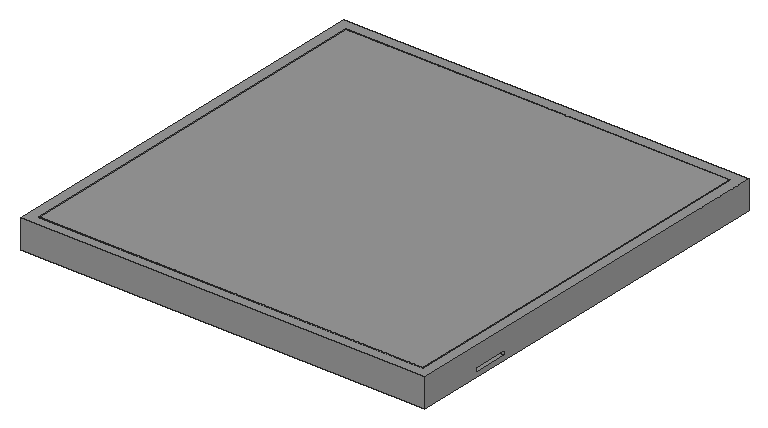
Revit family "Green Roof Module", category Generic Models, Revit 2025
Family settings
  Can host rebar = No
  Round Connector Dimension = Use Diameter
  Part Type = Normal
  Work Plane-Based = No
  Always vertical = Yes
  Cut with Voids When Loaded = No
  Maintain Annotation Orientation = No
  Shared = No
  Room Calculation Point = No
Parameters
  Width = 2400 mm
  Tree = no
  Tray Floor Top = Pedestal Height + 20 mm  # 120 mm
  Substrate Top = Fleece Top + Substrate Depth  # 235 mm
  Substrate Depth = 80 mm
  Seat Cap = no
  Rim Level = Pedestal Height + Rim Height  # 270 mm
  Rim Height = 170 mm
  Protection Mat = 5 mm
  Pedestal Height = 100 mm
  Outlet Top Offset = 55 mm
  Outlet Top = Mat Top + Outlet Height  # 155 mm
  Outlet Height = 30 mm
  Outlet Bottom Offset = 25 mm
  Mat Top = Tray Floor Top + Protection Mat  # 125 mm
  Length = 2400 mm
  Freeboard = Rim Level - Substrate Top  # 35 mm
  Fleece Top = Drainage Top + Filter Fleece  # 155 mm
  Filter Fleece = 5 mm
  Drainage Top = Mat Top + Drainage Depth  # 150 mm
  Drainage Depth = 25 mm
  Default Elevation = 0 mm
  Centre Row = yes
  Cap Top = Rim Level + 70 mm  # 340 mm
Reference planes
  plane 1 "Center (Front/Back)": y = 0
  plane 2: z = 0
  plane 3 "Center (Left/Right)": x = 0
  plane 4: x = -1200
  plane 5: y = 1200
  plane 6: x = 1200
  plane 7: y = -1200
  plane 8: y = -1140
  plane 9: x = 1140
  plane 10: y = 1140
  plane 11: x = -1140
Forms (mm)
  Extrusion 1, solid, material "Concrete, Precast"
    sketch origin (0, 0, 0) x (1, 0, 0) y (0, 1, 0)
      loop
        line (-1200, 1200) -> (-1200, -1200) -> (1200, -1200) -> (1200, 1200) -> (-1200, 1200)
    from 100 <- "Pedestal Height" to 120 <- "Tray Floor Top"
  Extrusion 2, solid, material "Concrete, Precast"
    sketch origin (0, 0, 0) x (1, 0, 0) y (0, 1, 0)
      loop
        line (-1200, 1200) -> (-1200, -1200) -> (1200, -1200) -> (1200, 1200) -> (-1200, 1200)
      loop
        line (-1140, 1140) -> (-1140, -1140) -> (1140, -1140) -> (1140, 1140) -> (-1140, 1140)
    from 100 <- "Pedestal Height" to 270 <- "Rim Level"
  Extrusion 3, solid, material "Rubber, Natural"
    sketch origin (0, 0, 0) x (1, 0, 0) y (0, 1, 0)
      loop
        line (-1140, 1140) -> (-1140, -1140) -> (1140, -1140) -> (1140, 1140) -> (-1140, 1140)
    from 120 <- "Tray Floor Top" to 125 <- "Mat Top"
  Extrusion 4, solid, material "DRAINAGE GRAVEL"
    sketch origin (0, 0, 0) x (1, 0, 0) y (0, 1, 0)
      loop
        line (-1140, 1140) -> (-1140, -1140) -> (1140, -1140) -> (1140, 1140) -> (-1140, 1140)
    from 125 <- "Mat Top" to 150 <- "Drainage Top"
  Extrusion 5, solid, material "Fabric"
    sketch origin (0, 0, 0) x (1, 0, 0) y (0, 1, 0)
      loop
        line (-1140, 1140) -> (-1140, -1140) -> (1140, -1140) -> (1140, 1140) -> (-1140, 1140)
    from 150 <- "Drainage Top" to 155 <- "Fleece Top"
  Extrusion 6, solid, material "Hedge"
    sketch origin (0, 0, 0) x (1, 0, 0) y (0, 1, 0)
      loop
        line (-1140, 1140) -> (-1140, -1140) -> (1140, -1140) -> (1140, 1140) -> (-1140, 1140)
    from 155 <- "Fleece Top" to 270 <- "Rim Level"
  Extrusion 7, void
    sketch origin (1200, 1200, 0) x (0, 1, 0) y (0, 0, -1)
      loop
        line (-1809.487, -155) -> (-1809.487, -125) -> (-2024.487, -125) -> (-2024.487, -155) -> (-1809.487, -155)
    from -50 to 100
  Extrusion 8, solid, material "Concrete, Precast"
    sketch origin (0, 0, 0) x (1, 0, 0) y (0, 1, 0)
      loop
        line (-1200, 1200) -> (-1200, -1200) -> (1200, -1200) -> (1200, 1200) -> (-1200, 1200)
    from 100 <- "Pedestal Height" to 120 <- "Tray Floor Top"
Cuts and joins
  Extrusion 7 cuts Extrusion 2
  joined: Extrusion 1, Extrusion 2, Extrusion 8
  Extrusion 7 cuts Extrusion 3
  Extrusion 7 cuts Extrusion 4
Dimensions and locks
  equal spacing: plane 4, plane 3 "Center (Left/Right)", plane 6
  "Length": plane 4 to plane 6
  equal spacing: plane 5, plane 1 "Center (Front/Back)", plane 7
  "Width": plane 5 to plane 7
  locked: plane 4 to plane 11 at 60
  locked: plane 9 to plane 6 at 60
  locked: plane 5 to plane 10 at 60
  locked: plane 8 to plane 7 at 60
  "Outlet Bottom Offset": Extrusion 7 sketch curve to Extrusion 2
  "Outlet Top Offset": Extrusion 2 to Extrusion 7 sketch curve
  Extrusion 7 sketch curve to Extrusion 2 = 375.513 mm
  aligned and locked: level to plane 2
  aligned and locked: Extrusion 1 sketch curve to plane 5
  aligned and locked: plane 4 to Extrusion 1 sketch curve
  aligned and locked: Extrusion 1 sketch curve to plane 7
  aligned and locked: Extrusion 1 sketch curve to plane 6
  aligned and locked: Extrusion 2 sketch curve to Extrusion 1  (x4)
  aligned and locked: Extrusion 2 sketch curve to plane 10
  aligned and locked: Extrusion 2 sketch curve to plane 11
  aligned and locked: Extrusion 2 sketch curve to plane 8
  aligned and locked: Extrusion 2 sketch curve to plane 9
  aligned and locked: Extrusion 3 sketch curve to plane 10
  aligned and locked: Extrusion 3 sketch curve to plane 11
  aligned and locked: Extrusion 3 sketch curve to plane 8
  aligned and locked: Extrusion 3 sketch curve to plane 9
  aligned and locked: Extrusion 4 sketch curve to plane 10
  aligned and locked: Extrusion 4 sketch curve to plane 11
  aligned and locked: Extrusion 4 sketch curve to plane 8
  aligned and locked: Extrusion 4 sketch curve to plane 9
  aligned and locked: Extrusion 5 sketch curve to plane 10
  aligned and locked: Extrusion 5 sketch curve to plane 11
  aligned and locked: Extrusion 5 sketch curve to plane 8
  aligned and locked: Extrusion 5 sketch curve to plane 9
  aligned and locked: Extrusion 6 sketch curve to plane 10
  aligned and locked: Extrusion 6 sketch curve to plane 11
  aligned and locked: Extrusion 6 sketch curve to plane 8
  aligned and locked: Extrusion 6 sketch curve to plane 9
  aligned and locked: Extrusion 8 sketch curve to cut or joined group of Extrusion 1, Extrusion 2, Extrusion 7, Extrusion 8  (x3)
  aligned and locked: Extrusion 8 sketch curve to plane 5
Automatic sketch dimensions
  Extrusion 7 sketch curve to Extrusion 7 sketch curve = 215 mm
Nested families
  nested 1: "Pedestal" at (0, 0, 0), visible <- "Centre Row", type "Pedestal"
  nested 2: "Pedestal" at (-900, 0, 0), type "Pedestal"
  nested 3: "Pedestal" at (900, 0, 0), type "Pedestal"
  nested 4: "Pedestal" at (0, -900, 0), visible <- "Centre Row", type "Pedestal"
  nested 5: "Pedestal" at (-900, -900, 0), type "Pedestal"
  nested 6: "Pedestal" at (900, -900, 0), type "Pedestal"
  nested 7: "Pedestal" at (0, 900, 0), visible <- "Centre Row", type "Pedestal"
  nested 8: "Pedestal" at (-900, 900, 0), type "Pedestal"
  nested 9: "Pedestal" at (900, 900, 0), type "Pedestal"
Definition of nested family "Pedestal"
  Parameters
    Default Elevation = 0 mm
  Reference planes
    plane 1 "Center (Front/Back)": y = 0
    plane 2: z = 0
    plane 3 "Center (Left/Right)": x = 0
  Forms (mm)
    Extrusion 1, solid
      sketch origin (0, 0, 0) x (1, 0, 0) y (0, 1, 0)
        loop
          circle (0, 0) r 100
      from 10 to 20
    Extrusion 2, solid
      sketch origin (0, 0, 0) x (1, 0, 0) y (0, 1, 0)
        loop
          circle (0, 0) r 75
      from 87 to 97
    Extrusion 3, solid
      sketch origin (0, 0, 0) x (1, 0, 0) y (0, 1, 0)
        loop
          circle (0, 0) r 37.5
      from 20 to 87
    Extrusion 4, solid
      sketch origin (0, 0, 0) x (1, 0, 0) y (0, 1, 0)
        loop
          circle (0, 0) r 125
      from 0 to 10
    Extrusion 5, solid
      sketch origin (0, 0, 0) x (1, 0, 0) y (0, 1, 0)
        loop
          circle (0, 0) r 80
      from 97 to 100
    Extrusion 6, solid
      sketch origin (0, 0, 0) x (1, 0, 0) y (0, 1, 0)
        loop
          circle (0, 0) r 10
      from 100 to 115
  Dimensions and locks
    aligned and locked: level to plane 2
